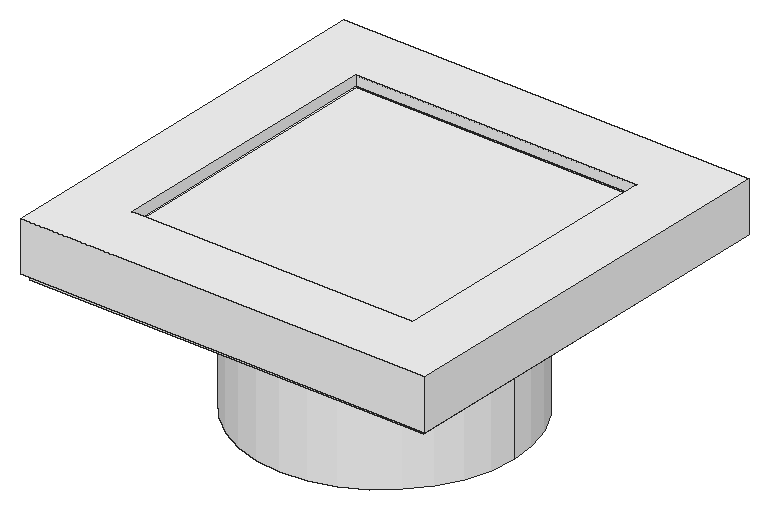
Revit family "Gira_228205", category Electrical Fixtures, host Face, Revit 2017
Family settings
  Host = Face
  Maintain Annotation Orientation = Yes
  Round Connector Dimension = Use Diameter
  Part Type = Normal
  Cut with Voids When Loaded = No
  Shared = No
  Room Calculation Point = No
Parameters (values of type "Speaker RDS FM radio System 55 black gl.appear.")
  White [instance] = White
  URL = "http://katalog.gira.de/en/datenblatt.html?artikelnr=228205"
  Type of fastening = "Mounting with claw and screw"
  Transparent = "No"
  Surface protection = "Other"
  Surface finishing = "Glossy"
  Name = "Speaker RDS FM radio System 55 black gl.appear."
  Mounting method = "Flush mounted (plaster)"
  Model = "Radio"
  Material quality = "Other"
  Material = "Other"
  Manufacturer URL = "https://www.gira.de/"
  Manufacturer = "Gira"
  HeinzeBIM = "https://bimportal.heinze.de/bim/speaker-rds-fm-radio-system-55-black-gl-appear-/324244d0223bc3f4206ff64858d69bedb1423652"
  Halogen free = "No"
  HAN = "228205"
  GTIN = "4010337889182"
  Description = "Spk.FM radio RDS Sys55 BKGLA,Speaker for the RDS flush-mounted radio,,Black glass appearance,Features:,- Speaker for connection to the Gira RDS flush-mounted radio."
  Default Elevation = 1219.2 mm
  Data sheet (1) = "https://katalog.gira.de/en/download.html?artikelnr=228205"
  Colour = "Black"
  Category = "Electronic insert for domestic switching devices"
  BIM (1) = "https://media.stage.bim.site/public/gira/36a6b08/Sys55_Komplettgerät_Schalten und Tasten.rfa?public/gira/36a6b08/Sys55_Komplettgerät_Schalten und Tasten.rfa"
  Available = "No"
  Assembly arrangement = "Basic element"
Reference planes
  plane 1 "Center (Front/Back)": y = 0
  plane 2: z = 0
  plane 3 "Center (Left/Right)": x = 0
Forms (mm)
  Extrusion 1, solid, material "White" <- "White", detail levels medium
    sketch origin (0, 0, 0) x (1, 0, 0) y (0, 1, 0)
      loop
        line (-40.4, 40.4) -> (-40.4, -40.4) -> (40.4, -40.4) -> (40.4, 40.4) -> (-40.4, 40.4)
      loop
        line (-28, 28) -> (-28, -28) -> (28, -28) -> (28, 28) -> (-28, 28)
    from 0 to 10
  Extrusion 2, solid, material "White" <- "White", detail levels fine
    sketch origin (0, 0, 0) x (1, 0, 0) y (0, 1, 0)
      loop
        line (-40.4, 40.4) -> (-40.4, -40.4) -> (40.4, -40.4) -> (40.4, 40.4) -> (-40.4, 40.4)
      loop
        line (-28, 28) -> (-28, -28) -> (28, -28) -> (28, 28) -> (-28, 28)
    from 0 to 10
  Extrusion 3, void
    sketch origin (0, 0, 0) x (1, 0, 0) y (0, 1, 0)
      loop
        line (-38.4, 38.4) -> (-38.4, -38.4) -> (38.4, -38.4) -> (38.4, 38.4) -> (-38.4, 38.4)
    from 0 to 8
  Extrusion 4, solid, material "White" <- "White", detail levels medium+fine
    sketch origin (0, 0, 0) x (1, 0, 0) y (0, 1, 0)
      loop
        line (-39.4, 39.4) -> (-39.4, -39.4) -> (39.4, -39.4) -> (39.4, 39.4) -> (-39.4, 39.4)
    from 0 to -1
  Extrusion 5, solid, material "White" <- "White", detail levels medium+fine
    sketch origin (0, 0, 0) x (1, 0, 0) y (0, 1, 0)
      loop
        line (-35.5, 35.5) -> (-35.5, -35.5) -> (35.5, -35.5) -> (35.5, 35.5) -> (-35.5, 35.5)
    from -2 to -3
  Extrusion 6, solid, material "White" <- "White", detail levels medium+fine
    sketch origin (0, 0, 0) x (1, 0, 0) y (0, 1, 0)
      loop
        circle (0, 0) r 26
    from 0 to -27.5
  Extrusion 7, solid, material "White" <- "White", detail levels coarse
    sketch origin (0, 0, 0) x (1, 0, 0) y (0, 1, 0)
      loop
        line (-40.4, 40.4) -> (-40.4, -40.4) -> (40.4, -40.4) -> (40.4, 40.4) -> (-40.4, 40.4)
    from -27.5 to 10
Cuts and joins
  Extrusion 3 cuts Extrusion 2
Dimensions and locks
  aligned and locked: plane 2 to host face
  aligned and locked: level to host face
  aligned and locked: plane 3 "Center (Left/Right)" to nested 2
  aligned and locked: plane 1 "Center (Front/Back)" to nested 2
Nested families
  nested 1: "Sys55_Abdeckung_Schalten und Tasten_floor_base" at (0, 0, 0), type "Sys55_Abdeckung_Schalten und Tasten_floor_base"
  nested 2: "Schalter" at (0, 0, 0), type "Schalter"
Connectors
  electrical at (0, 0, -27.5)
    settings: on Extrusion 6, index 1, voltage 220 V, apparent load 0 VA, apparent load phase1 0 VA, apparent load phase2 0 VA, apparent load phase3 0 VA, power factor 1, load classification "Other", number of poles 1, system type 30, power factor state 1, is connector primary yes, connector utility no, sub classification motor no, connector description ""
Definition of nested family "Sys55_Abdeckung_Schalten und Tasten_floor_base"
  Parameters
    Default Elevation = 1219.2 mm
    White [instance] = none
  Reference planes
    plane 1 "Center (Front/Back)": y = 0
    plane 2: z = 0
    plane 3 "Center (Left/Right)": x = 0
  Forms (mm)
    Extrusion 1, solid
      sketch origin (0, 0, 0) x (1, 0, 0) y (0, 1, 0)
        loop
          line (-1219.2, 1219.2) -> (-1219.2, -1219.2) -> (1219.2, -1219.2) -> (1219.2, 1219.2) -> (-1219.2, 1219.2)
      from 0 to -304.8
    Extrusion 2, solid, material <- "White", detail levels fine
      sketch origin (0, 0, 0) x (1, 0, 0) y (0, 1, 0)
        loop
          line (-27.5, 27.5) -> (-27.5, -27.5) -> (27.5, -27.5) -> (27.5, 27.5) -> (-27.5, 27.5)
      from 0 to 8
    Extrusion 3, void
      sketch origin (0, 0, 0) x (1, 0, 0) y (0, 1, 0)
        loop
          line (26, 26) -> (-26, 26) -> (-26, -26) -> (26, -26) -> (26, 26)
      from 0 to 6
    Extrusion 4, solid, material <- "White", detail levels medium
      sketch origin (0, 0, 0) x (1, 0, 0) y (0, 1, 0)
        loop
          line (-27.5, 27.5) -> (-27.5, -27.5) -> (27.5, -27.5) -> (27.5, 27.5) -> (-27.5, 27.5)
      from 0 to 8
    Extrusion 5, solid, material <- "White", detail levels medium
      sketch origin (0, 0, 0) x (1, 0, 0) y (0, 1, 0)
        loop
          line (11, -17.5) -> (11, 17.5) -> (-11, 17.5) -> (-11, -17.5) -> (11, -17.5)
      from -6 to 6
    Extrusion 6, solid, material <- "White", detail levels fine
      sketch origin (0, 0, 0) x (1, 0, 0) y (0, 1, 0)
        loop
          line (11, 17.5) -> (-11, 17.5) -> (-11, 16.5) -> (11, 16.5) -> (11, 17.5)
        loop
          line (-11, -16.5) -> (-11, -17.5) -> (11, -17.5) -> (11, -16.5) -> (-11, -16.5)
      from -4 to 6
    Extrusion 7, solid, material <- "White", detail levels fine
      sketch origin (0, 0, 0) x (1, 0, 0) y (0, 1, 0)
        loop
          arc (5, 9.347) -> (0, 10.6) -> (-5, 9.347) r 10.6
          line (-5, 9.347) -> (-5, -9.347)
          arc (-5, -9.347) -> (0, -10.6) -> (5, -9.347) r 10.6
          line (5, -9.347) -> (5, 9.347)
      from -6 to 6
    Extrusion 8, solid, material <- "White", detail levels coarse
      sketch origin (0, 0, 0) x (1, 0, 0) y (0, 1, 0)
        loop
          line (-27.5, 27.5) -> (-27.5, -27.5) -> (27.5, -27.5) -> (27.5, 27.5) -> (-27.5, 27.5)
      from -6 to 8
  Cuts and joins
    Extrusion 3 cuts Extrusion 2
  Dimensions and locks
    aligned and locked: plane 2 to Extrusion 1
    aligned and locked: level to Extrusion 1
Definition of nested family "Schalter"
  Reference planes
    plane 1: y = 0
    plane 2: x = 0
  Lines and regions (mm)
    detail lines
      curve 1: circle (1.375, 2.778, 0) r 0.8 normal (0, 0, 1)
      curve 2: line (1.021, 2.061, 0) -> (0, 0, 0)
      curve 3: line (0, 0, 0) -> (-0.538, 0.266, 0)
  Dimensions and locks
    curve 2 to curve 2 = 2.3 mm
    curve 3 to curve 2 = 0.6 mm
    radius of curve 1 = 0.8 mm
